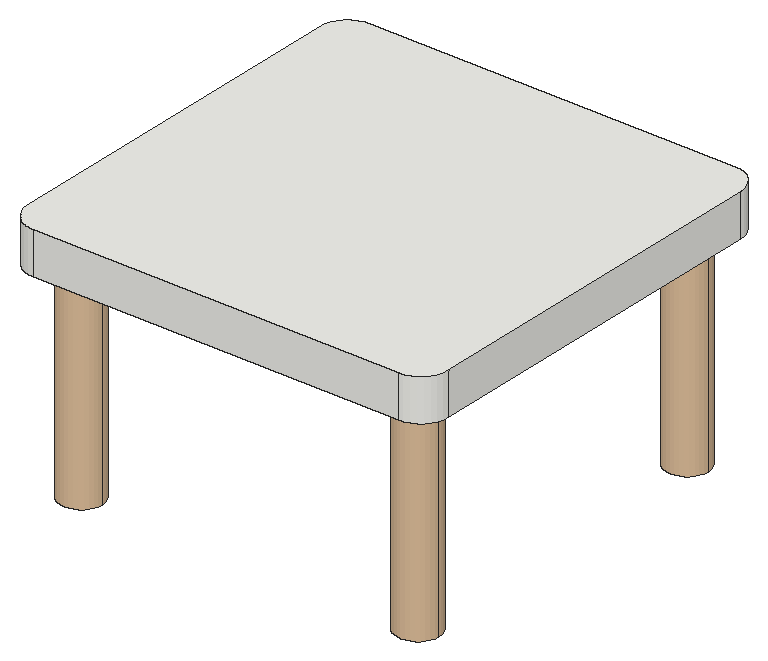
Revit family "basic_sample_family", category Furniture, Revit 2020
Family settings
  OmniClass Number = 23.40.20.14.17
  OmniClass Title = Residential Tables and Cabinets
  Work Plane-Based = No
  Always vertical = Yes
  Cut with Voids When Loaded = No
  Shared = Yes
  Room Calculation Point = No
Parameters (values of type "0762 x 0762mm")
  Default Elevation = 0.00 mm
  Base Material = Wood - Birch
  Height = 457.00 mm
  Length = 762.00 mm
  Top Material = Laminate - Ivory, Matte
  Width = 762.00 mm
Types (4, lengths in mm): name | Height | Length | Width
  (no name) | 457.00 | 762.00 | 762.00
  0610 x 0160mm | 762.00 | 610.00 | 610.00
  0762 x 0762mm | 457.00 | 762.00 | 762.00
  0610 x 0915mm | 762.00 | 610.00 | 915.00
Reference planes
  plane 1: y = 152.4
  plane 2: z = 0
  plane 3 "Left": x = 3.734
  plane 4 "Right": x = 765.734
  plane 5 "Back": y = 533.4
  plane 6 "Front": y = -228.6
  plane 7: x = 384.734
Forms (mm)
  Extrusion 1, solid, material "Laminate - Ivory, Matte" <- "Top Material"
    sketch origin (0, 0, 0) x (1, 0, 0) y (0, 1, 0)
      loop
        line (54.534, -228.6) -> (714.934, -228.6)
        arc (714.934, -228.6) -> (750.855, -213.721) -> (765.734, -177.8) r 50.8
        line (765.734, -177.8) -> (765.734, 482.6)
        arc (765.734, 482.6) -> (750.855, 518.521) -> (714.934, 533.4) r 50.8
        line (714.934, 533.4) -> (54.534, 533.4)
        arc (54.534, 533.4) -> (18.613, 518.521) -> (3.734, 482.6) r 50.8
        line (3.734, 482.6) -> (3.734, -177.8)
        arc (3.734, -177.8) -> (18.613, -213.721) -> (54.534, -228.6) r 50.8
    from 380.8 to 457
  Extrusion 2, solid, material "Wood - Birch" <- "Base Material"
    sketch origin (0, 0, 0) x (1, 0, 0) y (0, 1, 0)
      loop
        circle (79.934, 457.2) r 38.1
      loop
        circle (79.934, -152.4) r 38.1
      loop
        circle (689.534, -152.4) r 38.1
      loop
        circle (689.534, 457.2) r 38.1
    from 0 to 380.8
Lines and regions (mm)
  Masking region 1
    outline origin (0, 0, 0) x (1, 0, 0) y (0, 1, 0)
      loop
        arc (54.534, 533.4) -> (18.613, 518.521) -> (3.734, 482.6) r 50.8
        line (3.734, 482.6) -> (3.734, -177.8)
        arc (3.734, -177.8) -> (18.613, -213.721) -> (54.534, -228.6) r 50.8
        line (54.534, -228.6) -> (714.934, -228.6)
        arc (714.934, -228.6) -> (750.855, -213.721) -> (765.734, -177.8) r 50.8
        line (765.734, -177.8) -> (765.734, 482.6)
        arc (765.734, 482.6) -> (750.855, 518.521) -> (714.934, 533.4) r 50.8
        line (714.934, 533.4) -> (54.534, 533.4)
Dimensions and locks
  locked: Extrusion 1 to Extrusion 1 at 76.2
  "Height": Extrusion 1 to plane 2
  locked: Extrusion 1 to Extrusion 2 sketch curve at 76.2  (x8)
  "Width": plane 5 "Back" to plane 6 "Front"
  "Length": plane 3 "Left" to plane 4 "Right"
  equal spacing: plane 5 "Back", plane 1, plane 6 "Front"
  equal spacing: plane 3 "Left", plane 7, plane 4 "Right"
  radius of Extrusion 1 sketch curve = 50.80 mm  (x4)
  aligned and locked: plane 2 to level
  aligned and locked: plane 6 "Front" to Extrusion 1 sketch curve
  aligned and locked: Extrusion 2 to Extrusion 1
  aligned and locked: Masking region 1 sketch curve to plane 5 "Back"
  aligned and locked: plane 3 "Left" to Masking region 1 sketch curve
  aligned and locked: plane 4 "Right" to Masking region 1 sketch curve
  aligned and locked: Masking region 1 sketch curve to plane 6 "Front"
  aligned: Masking region 1 sketch curve to Extrusion 1
Automatic sketch dimensions
  Extrusion 2 sketch curve to Extrusion 2 sketch curve = 38.10 mm  (x4)
  Extrusion 1 sketch curve to plane 3 "Left" = 0.00 mm
  Extrusion 1 sketch curve to plane 4 "Right" = 0.00 mm
  Extrusion 1 sketch curve to plane 5 "Back" = 0.00 mm
  plane 3 "Left" to Masking region 1 sketch curve = 50.80 mm  (x2)
  plane 4 "Right" to Masking region 1 sketch curve = 50.80 mm  (x2)
